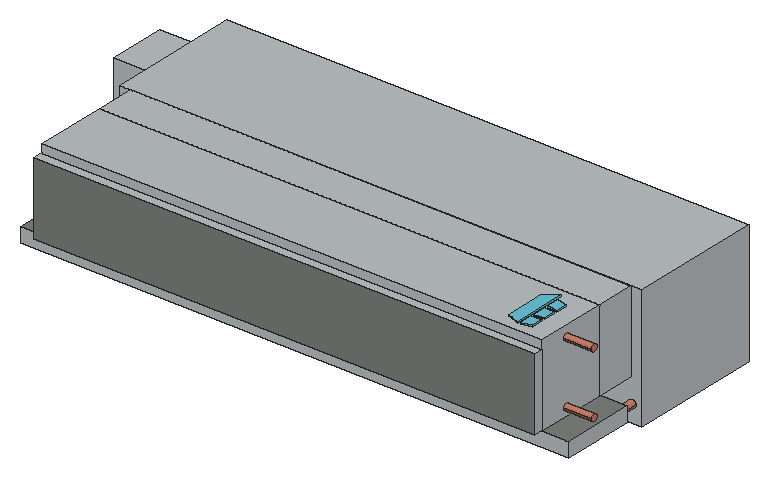
Revit family
Parameters (values of type "BPY(2-Pipe EHeat)")
  Supply Air Width = Coil Width  # 4' - 4"
  Supply Air Height = 0' - 7 1/2"
  Revit Family Version = "10/28/2010"
  Return Air Width = 4' - 6 1/4"
  Return Air Height = 1' - 0 3/4"
  Plenum Height = 1' - 0 3/4"
  Motor Quantity = 2
  Filter Width = 5' - 2"
  Filter Length = 0' - 1"
  Filter Height = 0' - 10"
  Electric Heat Voltage = 115 V
  Electric Heat Capacity = 3412.14 Btu/h
  Drain Pan Width = 4' - 9"
  Voltage = 115 V
  URL = "www.iec-okc.com"
  Type Comments = "ARI Default"
  Total Cooling Capacity = 16822.0 Btu/h
  Supply Fan Motor Speed = 1
  Supply External Static Pressure = 0.00 in-wg
  Sensible Cooling Capacity = 12736.0 Btu/h
  Product Name = "Fan Coil Unit"  # constant formula
  Phase = 1
  Nominal HP = "1/30"
  Model = "BPY(2-Pipe EHeat)"
  Minimum Circuit Current = 15 A
  Manufacturer = "IEC"
  Load = 184 VA
  Height = 0' - 10"
  Heating Leaving Dry Bulb Temperature = 111.1 °F
  Heating Entering Dry Bulb Temperature = 70 °F
  Frequency = 60 Hz
  Filter Quantity = 1
  Filter Efficiency = ""
  Filter Description = "Throwaway, 1 - 48.75X7\""
  Fan Quantity = 4
  Family Load Status = "** NOT VALID ** Must be loaded via type catalog"
  Designation = "FCU"
  Design Supply Air Flow = 670 CFM
  Design Chilled Water Flow = 3.4 GPM
  Description = "Ceiling Plenum FCU"
  Depth = 2' - 1 1/2"
  Cooling Leaving Wet Bulb Temperature = 59.2 °F
  Cooling Leaving Dry Bulb Temperature = 62.6 °F
  Cooling Entering Wet Bulb Temperature = 67 °F
  Cooling Entering Dry Bulb Temperature = 80 °F
  Cooling Coil Water Pressure Drop = 14.048 kPa
  Cooling Coil Row Count = 2
  Coil Width = 4' - 4"
  Chilled Water Leaving Temperature = 55.0 °F
  Chilled Water Entering Temperature = 45.0 °F
  Assembly Code = "D3050"
  Actual Condensate Drain Flow = 0.0 GPM
  ARI Number = ""
Reference planes (in)
  plane 1 "Center (Front/Back)": y = -9.375
  plane 2: z = 0
  plane 3 "Center (Left/Right)": x = 6
  plane 4: y = -5.625
  plane 5: y = -13.125
  plane 6: x = -20
  plane 7: x = 32
  plane 8: x = -22.25
  plane 9: x = 34.75
  plane 10: y = 12.375
  plane 11: x = 33.125
  plane 12: x = -21.125
  plane 13: y = -1.625
  plane 14: z = -0.875
  plane 15: z = -8.375
  plane 16: z = -12.75
Forms (in)
  Extrusion 1, solid, material "Metal - IEC - Steel"
    sketch origin (0, 0, 0) x (1, 0, 0) y (0, 1, 0)
      loop
        line (-22.25, -5.625) -> (-22.25, -13.125) -> (34.75, -13.125) -> (34.75, -5.625) -> (-22.25, -5.625)
    from -10 to -8.5
  Extrusion 2, solid, material "Metal - IEC - Steel"
    sketch origin (0, 0, -8.5) x (1, 0, 0) y (0, 1, 0)
      loop
        line (-20, -5.625) -> (-20, -13.125) -> (32, -13.125) -> (32, -5.625) -> (-20, -5.625)
    from 0 to 8.5
  Extrusion 3, solid, material "Metal - IEC - Steel"
    sketch origin (-20, -5.625, -36.67956) x (1, 0, 0) y (0, 0, -1)
      loop
        line (53.125, -36.67956) -> (53.125, -23.92956) -> (-1.125, -23.92956) -> (-1.125, -36.67956) -> (53.125, -36.67956)
    from 4 to 17.875
  Extrusion 4, solid, material "Copper"
    sketch origin (32, -5.625, -8.5) x (0, -1, 0) y (0, 0, -1)
      loop
        circle (4.5, -7.5) r 0.3125
      loop
        circle (4.5, -1) r 0.3125
    from 0 to 3
  Extrusion 5, solid, material "Metal - IEC - Steel"
    sketch origin (-8.125, -5.25, 0.125) x (0, 0, -1) y (0, -1, 0)
      loop
        line (2.125, -15.625) -> (10.125, -15.625) -> (10.125, -9.625) -> (2.125, -9.625) -> (2.125, -15.625)
    from 13 to 18.375
  Extrusion 6, solid, material "Metal - IEC - Steel"
    sketch origin (32, -13.125, -42.375) x (-1, 0, 0) y (0, 0, -1)
      loop
        line (52, -41.5) -> (52, -34) -> (0, -34) -> (0, -41.5) -> (52, -41.5)
    from 0 to 1
  Extrusion 7, solid, material "Metal - IEC - Steel"
    sketch origin (-20, -5.625, -14.5) x (1, 0, 0) y (0, 0, -1)
      loop
        line (52, -14.5) -> (52, -6) -> (0, -6) -> (0, -14.5) -> (52, -14.5)
    from 0 to 4
  Extrusion 8, solid, material "Copper"
    sketch origin (-22.25, -5.625, 0) x (1, 0, 0) y (0, 0, -1)
      loop
        circle (56, 9.5) r 0.375
    from 0 to 2
Dimensions and locks (in)
  equal spacing: plane 6, plane 3 "Center (Left/Right)", plane 7
  "Coil Width": plane 6 to plane 7
  locked: plane 8 to plane 6 at 2.25
  equal spacing: plane 5, plane 1 "Center (Front/Back)", plane 4
  "Depth": plane 5 to plane 10
  "Drain Pan Width": plane 8 to plane 9
  equal spacing: plane 12, plane 3 "Center (Left/Right)", plane 11
  "Return Air Width": plane 12 to plane 11
  locked: Extrusion 2 to Extrusion 4 sketch curve at 1  (x2)
  locked: Extrusion 2 to Extrusion 4 sketch curve at 3  (x2)
  locked: Extrusion 5 sketch curve to Extrusion 5 sketch curve at 8
  locked: Extrusion 5 sketch curve to Extrusion 5 sketch curve at 6
  locked: plane 4 to plane 5 at 7.5
  locked: Extrusion 6 to Extrusion 2 at 1
  locked: Extrusion 5 to plane 12 at 5.375
  locked: plane 13 to plane 4 at 4
  locked: plane 7 to Extrusion 4 at 3
  locked: Extrusion 5 sketch curve to plane 10 at 2
  locked: Extrusion 5 sketch curve to level at 2
  locked: level to plane 14 at 0.875
  "Supply Air Height": plane 14 to plane 15
  locked: Extrusion 1 to Extrusion 1 at 1.5
  "Height": level to Extrusion 1
  locked: level to plane 16 at 12.75
  plane 12 to Extrusion 5 = 0' - 5 3/8"
  locked: Extrusion 1 to Extrusion 8 sketch curve at 0.5
  locked: plane 9 to Extrusion 8 sketch curve at 1
  locked: plane 4 to Extrusion 8 at 2
  locked: plane 5 to nested 1 at 1
  aligned and locked: plane 8 to Extrusion 1 sketch curve
  aligned and locked: Extrusion 1 sketch curve to plane 4
  aligned and locked: plane 5 to Extrusion 1 sketch curve
  aligned and locked: Extrusion 1 sketch curve to plane 9
  aligned and locked: plane 6 to Extrusion 2 sketch curve
  aligned and locked: Extrusion 2 sketch curve to plane 4
  aligned and locked: plane 5 to Extrusion 2 sketch curve
  aligned and locked: plane 7 to Extrusion 2 sketch curve
  aligned and locked: plane 11 to Extrusion 3 sketch curve
  aligned and locked: plane 12 to Extrusion 3 sketch curve
  aligned and locked: plane 6 to Extrusion 6 sketch curve
  aligned and locked: plane 7 to Extrusion 6 sketch curve
  aligned: plane 10 to Extrusion 3
  aligned: plane 13 to Extrusion 7
  aligned: Extrusion 3 to plane 13
  aligned and locked: plane 7 to Extrusion 4
  aligned: Extrusion 7 to plane 4
  aligned: Extrusion 7 to plane 7
  aligned: Extrusion 7 to plane 6
  aligned and locked: level to plane 2
  aligned and locked: level to Extrusion 2
  aligned and locked: level to Extrusion 7
  aligned and locked: level to Extrusion 3
  aligned and locked: plane 14 to Extrusion 6
  aligned and locked: plane 5 to Extrusion 2
  aligned and locked: Extrusion 6 to plane 5
  aligned and locked: Extrusion 6 to plane 15
  aligned and locked: Extrusion 2 to Extrusion 1
  aligned and locked: Extrusion 7 to Extrusion 1
  aligned and locked: Extrusion 3 to plane 16
  aligned and locked: plane 2 to nested 1
  aligned and locked: nested 1 to plane 7
  aligned and locked: plane 12 to Extrusion 5
Automatic sketch dimensions
  Extrusion 2 to Extrusion 7 sketch curve = 0' - 0"  (x2)
  Extrusion 7 sketch curve to Extrusion 2 = 0' - 0"  (x2)
  Extrusion 2 to Extrusion 6 sketch curve = 0' - 7 5/8"
  Extrusion 6 sketch curve to Extrusion 6 sketch curve = 0' - 7 1/2"
  Extrusion 2 to Extrusion 3 sketch curve = 0' - 8 1/2"
  Extrusion 3 sketch curve to Extrusion 2 = 0' - 4 1/4"
  radius of Extrusion 4 sketch curve = 0' - 0 5/16"  (x2)
  radius of Extrusion 8 sketch curve = 0' - 0 3/8"
Nested families (in)
  nested 1: "Horizontal IEC Logo 3D" at (27.42527, -12.125, 0), type "Horizontal IEC Logo 3D", detail levels fine
Connectors (in)
  piping at (35, -10.125, -7.5), driven by "Design Chilled Water Flow"
    settings: on Extrusion 4, index 1
  piping at (35, -10.125, -1), driven by "Cooling Coil Water Pressure Drop", driven by "Design Chilled Water Flow"
    settings: on Extrusion 4, index 2
  piping at (33.75, -3.625, -9.5), driven by "Actual Condensate Drain Flow"
    settings: on Extrusion 8, index 3
  hvac at (6, -14.125, -4.625), driven by "Supply Air Width", driven by "Supply Air Height", driven by "Design Supply Air Flow", driven by "Supply External Static Pressure"
    settings: on Extrusion 6, index 4
  hvac at (6, 12.25, -6.375), driven by "Return Air Width", driven by "Return Air Height", driven by "Design Supply Air Flow"
    settings: on Extrusion 3, index 5
  hvac at (6, 5.3125, -12.75), driven by "Return Air Width", driven by "Return Air Height", driven by "Design Supply Air Flow"
    settings: on Extrusion 3, index 6
  electrical at (-26.5, 7.375, -6), driven by "Phase", driven by "Voltage", driven by "Load"
    settings: on Extrusion 5, index 7
Definition of nested family "Horizontal IEC Logo 3D"
  Parameters (values of type "Horizontal IEC Logo 3D")
    URL = "http://www.iec-okc.com"
    Manufacturer = "International Environmental Corporation"
    Copyright © = ""
    Assembly Code = ""
  Reference planes (in)
    plane 1 "Center (Front/Back)": y = 0
    plane 2 "Bottom": z = 0
    plane 3 "Center (Left/Right)": x = 0
    plane 4 "Top": z = 6
    plane 5 "Right": x = 4.57473
    plane 6: y = 6
  Forms (in)
    Extrusion 1, solid, material "Paint - IEC - Blue"
      sketch origin (-3.24555, -0.25468, 0) x (1, 0, 0) y (0, 1, 0)
        loop
          line (3.24555, 0.65702) -> (4.52737, 0.25468) -> (4.52737, 5.84344) -> (3.24555, 4.84197) -> (3.24555, 0.65702)
        loop
          line (4.79344, 5.10212) -> (4.79344, 3.74464) -> (5.82027, 3.61857) -> (5.82027, 4.77981) -> (4.79344, 5.10212)
        loop
          line (4.79344, 0.25468) -> (5.82027, 0.52981) -> (5.82027, 1.70204) -> (4.79344, 1.5626) -> (4.79344, 0.25468)
        loop
          line (4.79344, 3.3345) -> (4.79344, 1.92278) -> (5.82027, 2.0307) -> (5.82027, 3.26102) -> (4.79344, 3.3345)
      from 0 to 0.125
  Text (in)
    text "Copyright © McQuay International 2009" at (0.00043, 0.00036, 0), in view "Ref. Level"
  Dimensions and locks (in)
    plane 4 "Top" to plane 2 "Bottom" = 0' - 6"
    locked: plane 5 "Right" to Extrusion 1 at 2
    locked: plane 3 "Center (Left/Right)" to plane 5 "Right" at 4.57473
    locked: plane 6 to plane 1 "Center (Front/Back)" at 6
    aligned and locked: plane 2 "Bottom" to level
